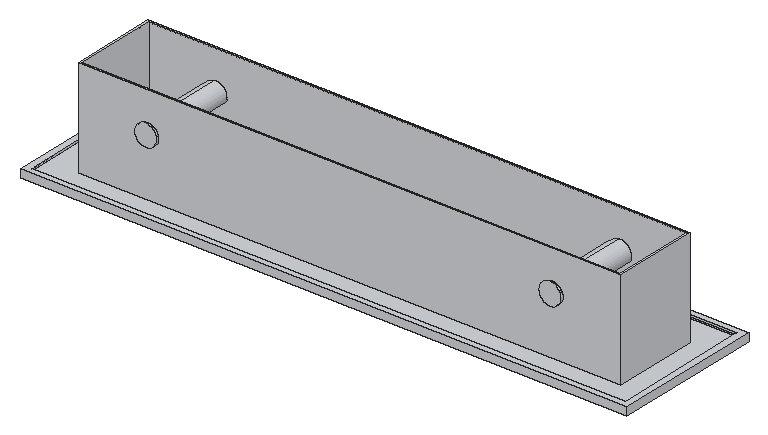
Revit family "CAI", category Air Terminals, Revit 2012
Parameters (values of type "CAI-1-1/2")
  URL = ""
  Sop Vert = (Horizontal / 3) * 2  # 6.66667"
  Separación rejillas = 1/2"
  Mínima velocidad de cuello = 0 FPM
  Mínima presión estática = 0.00 in-wg
  Máximo nivel de ruido (NC) = ""
  Máxima velocidad de cuello = 0 FPM
  Máxima presión estática = 0.00 in-wg
  Min Flow = 0 CFM
  Max Flow = 0 CFM
  Material = ""
  Manufacturer = ""
  Largo rejilla = Horizontal - 2"  # 8"
  Horizontal = 10"
  Cuello = ""
  Cantidad de rejillas = 2
  A = 2 1/2"
  2 rejillas = if(A < 5", 1 > 2, 2 > 1)  # no
  1 rejilla = if(A < 14" / 4, 1 > 2, if(A > 19" / 4, 1 > 2, 2 > 1))  # no
Types (25): name | URL | Separación rejillas | Manufacturer | Cantidad de rejillas | A | 2 rejillas | 1 rejilla
  (no name) | "" | 1/2" | "" | 2 | 2 1/2" | no | no
  CAI-1-1/2 | "" | 1/2" | "" | 2 | 2 1/2" | no | no
  CAI-1-3/4 | "" | 1/2" | "" | 2 | 2 3/4" | no | no
  CAI-1-1 | "" | 1/2" | "" | 2 | 3" | no | no
  CAI-2-1/2 | "" | 1/2" | "" | 2 | 3 3/4" | no | yes
  CAI-2-3/4 | "" | 3/4" | "" | 2 | 4 1/4" | no | yes
  CAI-2-1 | "" | 1" | "" | 2 | 4 3/4" | no | yes
  CAI-3-1/2 | "" | 1/2" | "" | 2 | 5" | yes | no
  CAI-3-3/4 | "" | 3/4" | "" | 2 | 5 3/4" | yes | no
  CAI-3-1 | "" | 1" | "" | 2 | 6 1/2" | yes | no
  CAI-4-1/2 | "" | 1/2" | "" | 3 | 6 1/4" | yes | no
  CAI-4-3/4 | "" | 3/4" | "" | 3 | 7 1/4" | yes | no
  CAI-4-1 | "" | 1" | "" | 3 | 8 1/4" | yes | no
  CAI-5-1/2 | "" | 1/2" | "" | 4 | 7 1/2" | yes | no
  CAI-5-3/4 | "" | 3/4" | "" | 4 | 8 3/4" | yes | no
  CAI-5-1 | "" | 1" | "" | 4 | 10" | yes | no
  CAI-6-1/2 | "" | 1/2" | "" | 5 | 8 3/4" | yes | no
  CAI-6-3/4 | "" | 3/4" | "" | 5 | 10 1/4" | yes | no
  CAI-6-1 | "" | 1" | "" | 5 | 11 3/4" | yes | no
  CAI-7-1/2 | "" | 1/2" | "" | 6 | 10" | yes | no
  CAI-7-3/4 | "" | 3/4" | "" | 6 | 11 3/4" | yes | no
  CAI-7-1 | "" | 1" | "" | 6 | 13 1/2" | yes | no
  CAI-8-1/2 | "" | 1/2" | "" | 7 | 11 1/4" | yes | no
  CAI-8-3/4 | "" | 3/4" | "" | 7 | 13 1/4" | yes | no
  CAI-8-1 | "http://www.innes.com.mx" | 1" | "INNES" | 7 | 15 1/4" | yes | no
Reference planes (in)
  plane 1 "Center (Front/Back)": y = 0
  plane 2: z = 0
  plane 3 "Center (Left/Right)": x = 0
  plane 4: x = -5
  plane 5: x = 5
  plane 6: y = 1.25
  plane 7: y = -1.25
  plane 8: x = -3.33333
  plane 9: x = 3.33333
  plane 10: y = 0.71875
  plane 11 "base redondos": y = 0.75
  plane 12: y = -0.75
Forms (in)
  Sweep 1, solid
    path origin (0, 0, 0) x (1, 0, 0) y (0, 1, 0)
      loop
        line (-5, 1.25) -> (-5, -1.25) -> (5, -1.25) -> (5, 1.25) -> (-5, 1.25)
    profile origin (0, 1.25, 0) x (0, 1, 0) y (0, 0, 1)
      loop
        line (0, 0.13134) -> (-0.10207, 0.13134) -> (-0.10207, 0.09949) -> (-0.0322, 0.09949) -> (-0.0322, 0.03077) -> (-0.53125, 0.03077) -> (-0.53125, 1.65577) -> (-0.56485, 1.65577) -> (-0.56485, 0.03077) -> (-1, 0.03077) -> (-1, 0) -> (0, 0) -> (0, 0.13134)
  Extrusion 2, solid
    sketch origin (0, 0.75, 0) x (0, 0, 1) y (-1, 0, 0)
      loop
        circle (1, 3.33333) r 0.17976
      loop
        circle (1, -3.33333) r 0.18113
    from 0 to 1.5
Dimensions and locks (in)
  equal spacing: plane 4, plane 3 "Center (Left/Right)", plane 5
  equal spacing: plane 6, plane 1 "Center (Front/Back)", plane 7
  "Horizontal": plane 4 to plane 5
  "A": plane 6 to plane 7
  profile plane to Sweep 1 sketch curve = 1"
  Sweep 1 sketch curve to profile plane = 0.13134"
  equal spacing: plane 8, plane 3 "Center (Left/Right)", plane 9
  "Sop Vert": plane 8 to plane 9
  locked: plane 6 to plane 10 at 0.53125
  locked: plane 6 to plane 11 "base redondos" at 0.5
  locked: plane 12 to plane 7 at 0.5
  Sweep 1 sketch curve to level = 1.65577"
  Extrusion 2 sketch curve to level = 1"  (x2)
  "Separación rejillas": Sweep 1 to nested 1
  "Separación rejillas": nested 2 to Sweep 1
  group 1 to group 2 = 0"  (x2)
  group 1 to group 2 = 1 1/4"
  "Separación rejillas": nested 3 to nested 2
  radius of Extrusion 2 sketch curve = 0.17976"
  radius of Extrusion 2 sketch curve = 0.18113"
  aligned and locked: plane 2 to level
  aligned and locked: Sweep 1 sketch curve to plane 6
  aligned and locked: plane 4 to Sweep 1 sketch curve
  aligned and locked: plane 7 to Sweep 1 sketch curve
  aligned and locked: Sweep 1 sketch curve to plane 5
  aligned and locked: Sweep 1 sketch curve to plane 10
  aligned and locked: plane 12 to Extrusion 2
  aligned and locked: nested 1 to Sweep 1
  aligned and locked: Sweep 1 to nested 1
  aligned and locked: Sweep 1 to nested 2  (x2)
  aligned and locked: Sweep 1 to nested 3
  aligned and locked: nested 3 to Sweep 1
Automatic sketch dimensions
  Sweep 1 sketch curve to level = 0"
  Sweep 1 sketch curve to profile plane = 0"
  Sweep 1 sketch curve to Sweep 1 sketch curve = 0.0336"
  profile plane to Sweep 1 sketch curve = 0.10207"
  profile plane to Sweep 1 sketch curve = 0.0322"
  level to Sweep 1 sketch curve = 0.03077"  (x2)
  Sweep 1 sketch curve to Sweep 1 sketch curve = 0.03185"
  Extrusion 2 sketch curve to plane 9 = 0"
  Extrusion 2 sketch curve to plane 8 = 0"
Nested families (in)
  nested 1: "Rejilla M" at (-4, -0.62522, 0), visible <- "1 rejilla", type "Rejilla M"
    with Largo rejilla 8"
  nested 2: "Rejilla M" at (-4, 0.62478, 0), visible <- "2 rejillas", type "Rejilla M"
    with Largo rejilla 8"
  nested 3: "Rejilla M" at (-4, 1.87478, 0), visible <- "2 rejillas", type "Rejilla M"
    with Largo rejilla 8"
Definition of nested family "Rejilla M"
  Parameters (values of type "Rejilla M")
    Largo rejilla = 13.52226"
  Reference planes (in)
    plane 1 "Center (Front/Back)": y = 0
    plane 2: z = 0
    plane 3 "Center (Left/Right)": x = 0
    plane 4: z = 0.375
    plane 5: z = -0.375
    plane 6: x = 13.52226
    plane 7: x = 6.76113
  Forms (in)
    Extrusion 1, solid
      sketch origin (0, 0, 0) x (0, 1, 0) y (0, 0, 1)
        loop
          line (0.37522, 0) -> (0.37522, 0.03196) -> (0.01623, 0.03196) -> (0.01623, 1.65696) -> (-0.0158, 1.65696) -> (-0.0158, 0.03196) -> (-0.37478, 0.03196) -> (-0.37478, 0) -> (0.37522, 0)
        loop
          arc (0.39048, 0.00183) -> (0.40831, 0.00317) -> (0.41484, 0.01982) r 0.01681
          line (0.41484, 0.01982) -> (0.3038, 0.39876) -> (0.0863, 0.74683)
          arc (0.0863, 0.74683) -> (0.04019, 0.79411) -> (0.05699, 0.73024) r 0.03415
          line (0.05699, 0.73024) -> (0.28303, 0.36849) -> (0.39048, 0.00183)
        loop
          line (-0.39249, 0.00077) -> (-0.28662, 0.36206) -> (-0.05656, 0.73024)
          arc (-0.05656, 0.73024) -> (-0.04045, 0.7929) -> (-0.08587, 0.74683) r 0.0335
          line (-0.08587, 0.74683) -> (-0.30337, 0.39876) -> (-0.41441, 0.01982)
          arc (-0.41441, 0.01982) -> (-0.40892, 0.004) -> (-0.39249, 0.00077) r 0.01681
      from 0 to 13.52226
  Dimensions and locks (in)
    equal spacing: plane 4, level, plane 5
    plane 4 to plane 5 = 3/4"
    Extrusion 1 sketch curve to Extrusion 1 sketch curve = 0.03203"
    equal spacing: plane 6, plane 7, plane 3 "Center (Left/Right)"
    "Largo rejilla": plane 6 to plane 3 "Center (Left/Right)"
    aligned and locked: plane 2 to level
    aligned and locked: plane 6 to Extrusion 1
  Automatic sketch dimensions
    Extrusion 1 sketch curve to level = 0"
    level to Extrusion 1 sketch curve = 0.01982"
    plane 1 "Center (Front/Back)" to Extrusion 1 sketch curve = 0.41441"
    Extrusion 1 sketch curve to Extrusion 1 sketch curve = 0.01651"  (x2)
    level to Extrusion 1 sketch curve = 0.00077"
    Extrusion 1 sketch curve to Extrusion 1 sketch curve = 0.00541"
    Extrusion 1 sketch curve to Extrusion 1 sketch curve = 0.0177"
    plane 4 to Extrusion 1 sketch curve = 0.02376"  (x2)
    plane 1 "Center (Front/Back)" to Extrusion 1 sketch curve = 0.30337"
    Extrusion 1 sketch curve to plane 4 = 0.01294"
    Extrusion 1 sketch curve to Extrusion 1 sketch curve = 0.01675"
    plane 1 "Center (Front/Back)" to Extrusion 1 sketch curve = 0.08587"
    Extrusion 1 sketch curve to Extrusion 1 sketch curve = 0.02892"
    Extrusion 1 sketch curve to Extrusion 1 sketch curve = 0.00039"
    plane 1 "Center (Front/Back)" to Extrusion 1 sketch curve = 0.0158"
    Extrusion 1 sketch curve to plane 1 "Center (Front/Back)" = 0.05699"
    Extrusion 1 sketch curve to Extrusion 1 sketch curve = 0.00002"
    Extrusion 1 sketch curve to Extrusion 1 sketch curve = 0.02932"
    Extrusion 1 sketch curve to plane 4 = 0.00651"
    Extrusion 1 sketch curve to plane 1 "Center (Front/Back)" = 0.28303"
    Extrusion 1 sketch curve to Extrusion 1 sketch curve = 0.02077"
    Extrusion 1 sketch curve to Extrusion 1 sketch curve = 0.35899"
    level to Extrusion 1 sketch curve = 0.00183"
    Extrusion 1 sketch curve to Extrusion 1 sketch curve = 0.01526"
    Extrusion 1 sketch curve to Extrusion 1 sketch curve = 0.00785"
    level to Extrusion 1 sketch curve = 0.01669"
    Extrusion 1 sketch curve to Extrusion 1 sketch curve = 0.01527"
    level to Extrusion 1 sketch curve = 0.03196"
    plane 4 to Extrusion 1 sketch curve = 0.35524"
    Extrusion 1 sketch curve to Extrusion 1 sketch curve = 0"
    Extrusion 1 sketch curve to Extrusion 1 sketch curve = 0.01659"  (x2)
    Extrusion 1 sketch curve to Extrusion 1 sketch curve = 0.89257"
Types in the file's own list only (24): name | URL | Sop Vert | Separación rejillas | Mínima presión estática | Máximo nivel de ruido (NC) | Máxima presión estática | Min Flow | Max Flow | Material | Manufacturer | Cuello | Cantidad de rejillas | A | 2 rejillas | 1 rejilla
  CAI-01-1/2 | "http://www.innes.com.mx" | 6 43/64" | 1/2" | 0.01 in-wg | "25" | 0.24 in-wg | 7 CFM | 37 CFM | "Aluminio" | "INNES" | "Cuadrado" | 2 | 2 1/2" | No | No
  CAI-01-3/4 | "http://www.innes.com.mx" | 6 43/64" | 1/2" | 0.01 in-wg | "39" | 0.28 in-wg | 10 CFM | 55 CFM | "Aluminio" | "INNES" | "Cuadrado" | 2 | 2 3/4" | No | No
  CAI-01-1 | "http://www.innes.com.mx" | 6 43/64" | 1/2" | 0.01 in-wg | "45" | 0.37 in-wg | 13 CFM | 73 CFM | "Aluminio" | "INNES" | "Cuadrado" | 2 | 3" | No | No
  CAI-02-1/2 | "http://www.innes.com.mx" | 6 43/64" | 1/2" | 0.00 in-wg | "31" | 0.21 in-wg | 10 CFM | 70 CFM | "Aluminio" | "INNES" | "Cuadrado" | 2 | 3 3/4" | No | Yes
  CAI-02-3/4 | "http://www.innes.com.mx" | 6 43/64" | 3/4" | 0.01 in-wg | "41" | 0.24 in-wg | 15 CFM | 105 CFM | "Aluminio" | "INNES" | "Cuadrado" | 2 | 4 1/4" | No | Yes
  CAI-02-1 | "http://www.innes.com.mx" | 6 43/64" | 1" | 0.01 in-wg | "51" | 0.31 in-wg | 20 CFM | 140 CFM | "Aluminio" | "INNES" | "Cuadrado" | 2 | 4 3/4" | No | Yes
  CAI-03-1/2 | "http://www.innes.com.mx" | 6 43/64" | 1/2" | 0.00 in-wg | "33" | 0.21 in-wg | 13 CFM | 103 CFM | "Aluminio" | "INNES" | "Cuadrado" | 2 | 5" | Yes | No
  CAI-03-3/4 | "http://www.innes.com.mx" | 6 43/64" | 3/4" | 0.00 in-wg | "43" | 0.23 in-wg | 20 CFM | 155 CFM | "Aluminio" | "INNES" | "Cuadrado" | 2 | 5 3/4" | Yes | No
  CAI-03-1 | "http://www.innes.com.mx" | 6 43/64" | 1" | 0.01 in-wg | "51" | 0.31 in-wg | 27 CFM | 207 CFM | "Aluminio" | "INNES" | "Cuadrado" | 2 | 6 1/2" | Yes | No
  CAI-04-1/2 | "http://www.innes.com.mx" | 6 43/64" | 1/2" | 0.00 in-wg | "34" | 0.20 in-wg | 17 CFM | 137 CFM | "Aluminio" | "INNES" | "Cuadrado" | 3 | 6 1/4" | Yes | No
  CAI-04-3/4 | "http://www.innes.com.mx" | 6 43/64" | 3/4" | 0.00 in-wg | "43" | 0.22 in-wg | 25 CFM | 205 CFM | "Aluminio" | "INNES" | "Cuadrado" | 3 | 7 1/4" | Yes | No
  CAI-04-1 | "http://www.innes.com.mx" | 6 43/64" | 1" | 0.00 in-wg | "54" | 0.29 in-wg | 33 CFM | 273 CFM | "Aluminio" | "INNES" | "Cuadrado" | 3 | 8 1/4" | Yes | No
  CAI-05-1/2 | "http://www.innes.com.mx" | 6 43/64" | 1/2" | 0.00 in-wg | "34" | 0.18 in-wg | 20 CFM | 170 CFM | "Aluminio" | "INNES" | "Cuadrado" | 4 | 7 1/2" | Yes | No
  CAI-05-3/4 | "http://www.innes.com.mx" | 6 43/64" | 3/4" | 0.00 in-wg | "45" | 0.22 in-wg | 30 CFM | 255 CFM | "Aluminio" | "INNES" | "Cuadrado" | 4 | 8 3/4" | Yes | No
  CAI-05-1 | "http://www.innes.com.mx" | 6 43/64" | 1" | 0.00 in-wg | "55" | 0.27 in-wg | 40 CFM | 340 CFM | "Aluminio" | "INNES" | "Cuadrado" | 4 | 10" | Yes | No
  CAI-06-1/2 | "http://www.innes.com.mx" | 6 43/64" | 1/2" | 0.00 in-wg | "34" | 0.18 in-wg | 23 CFM | 197 CFM | "Aluminio" | "INNES" | "Cuadrado" | 5 | 8 3/4" | Yes | No
  CAI-06-3/4 | "http://www.innes.com.mx" | 6 43/64" | 3/4" | 0.00 in-wg | "46" | 0.20 in-wg | 35 CFM | 295 CFM | "Aluminio" | "INNES" | "Cuadrado" | 5 | 10 1/4" | Yes | No
  CAI-06-1 | "http://www.innes.com.mx" | 6 43/64" | 1" | 0.00 in-wg | "56" | 0.27 in-wg | 47 CFM | 393 CFM | "Aluminio" | "INNES" | "Cuadrado" | 5 | 11 3/4" | Yes | No
  CAI-07-1/2 | "http://www.innes.com.mx" | 6 43/64" | 1/2" | 0.00 in-wg | "35" | 0.19 in-wg | 27 CFM | 237 CFM | "Aluminio" | "INNES" | "Cuadrado" | 6 | 10" | Yes | No
  CAI-07-3/4 | "http://www.innes.com.mx" | 6 43/64" | 3/4" | 0.00 in-wg | "46" | 0.22 in-wg | 40 CFM | 355 CFM | "Aluminio" | "INNES" | "Cuadrado" | 6 | 11 3/4" | Yes | No
  CAI-07-1 | "http://www.innes.com.mx" | 6 43/64" | 1" | 0.00 in-wg | "60" | 0.29 in-wg | 53 CFM | 473 CFM | "Aluminio" | "INNES" | "Cuadrado" | 6 | 13 1/2" | Yes | No
  CAI-08-1/2 | "http://www.innes.com.mx" | 6 43/64" | 1/2" | 0.00 in-wg | "36" | 0.19 in-wg | 30 CFM | 270 CFM | "Aluminio" | "INNES" | "Cuadrado" | 7 | 11 1/4" | Yes | No
  CAI-08-3/4 | "http://www.innes.com.mx" | 6 43/64" | 3/4" | 0.00 in-wg | "47" | 0.22 in-wg | 45 CFM | 405 CFM | "Aluminio" | "INNES" | "Cuadrado" | 7 | 13 1/4" | Yes | No
  CAI-08-1 | "http://www.innes.com.mx" | 6 43/64" | 1" | 0.00 in-wg | "60" | 0.29 in-wg | 60 CFM | 540 CFM | "Aluminio" | "INNES" | "Cuadrado" | 7 | 15 1/4" | Yes | No
